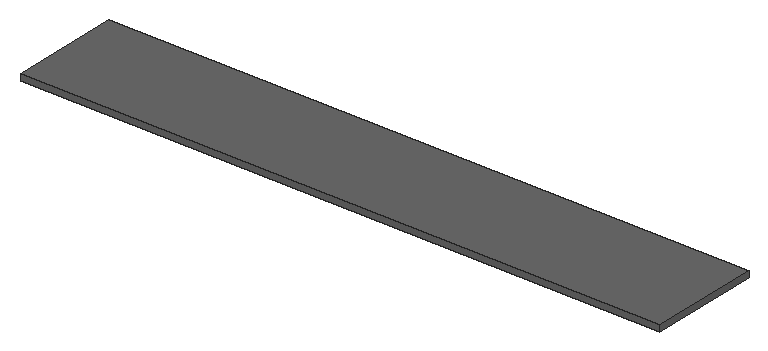
Revit family "ARKOSLIGHT_GAP Black Foster Custom Cover", category Lighting Fixtures, host Face, Revit 2019
Family settings
  Host = Face
  Round Connector Dimension = Use Diameter
  Part Type = Normal
  Cut with Voids When Loaded = No
  Light Source = No
  Shared = No
  Room Calculation Point = No
Parameters (values of type "A452000XN - BLACK FOSTER CUSTOM COVER GAP X N")
  URL = "https://www.arkoslight.com/en/product/bfsura-es/"
  Model = ARKOSLIGHT_Model  # "BLACK FOSTER CUSTOM ACCESSORIES"
  Manufacturer = "ARKOSLIGHT"  # constant formula
  Length [instance] = 250 mm
  Description = "Select the number and length of profiles suitable for the defined length."
  ARKOSLIGHT_Series = "BLACK FOSTER CUSTOM SURFACE ACCESSORIES"  # constant formula
  ARKOSLIGHT_Reference = "A452000XN"
  ARKOSLIGHT_Model = "BLACK FOSTER CUSTOM ACCESSORIES"  # constant formula
  ARKOSLIGHT_Color = "Black"
  ARKOSLIGHT_Fixture Type = "ACCESSORIES"  # constant formula
  Default Elevation = 0 mm
  Apparent Load = 0 VA  # constant formula
  ARKOSLIGHT_Body Color = ARKOSLIGHT_Black
Reference planes
  plane 1 "Center (Front/Back)": y = 0
  plane 2: z = 0
  plane 3 "Center (Left/Right)": x = 0
  plane 4: x = 125
  plane 5: x = -125
  plane 6: z = 35.864
  plane 7: z = 33.664
  plane 8: y = 21.5
  plane 9: y = -21.5
Forms (mm)
  Extrusion 1, solid, material "ARKOSLIGHT_Black" <- "ARKOSLIGHT_Body Color"
    sketch origin (-125, -221.408, 1227.436) x (0, -1, 0) y (0, 0, -1)
      loop
        line (-199.908, 1191.572) -> (-199.908, 1193.772) -> (-242.908, 1193.772) -> (-242.908, 1191.572) -> (-199.908, 1191.572)
    from 0 to 250
Dimensions and locks
  "Length": plane 5 to plane 4
  equal spacing: plane 5, plane 3 "Center (Left/Right)", plane 4
  locked: plane 6 to plane 7 at 2.2
  locked: plane 7 to plane 2 at 33.664
  equal spacing: plane 8, plane 1 "Center (Front/Back)", plane 9
  locked: plane 8 to plane 9 at 43
  aligned and locked: plane 2 to host face
  aligned and locked: level to host face
  aligned and locked: Extrusion 1 to plane 4
  aligned and locked: plane 6 to Extrusion 1 sketch curve
  aligned and locked: Extrusion 1 sketch curve to plane 7
  aligned and locked: Extrusion 1 sketch curve to plane 9
  aligned and locked: plane 8 to Extrusion 1 sketch curve
Automatic sketch dimensions
  host sketch curve to host sketch curve = 486.772 mm
  host sketch curve to host sketch curve = 1105.173 mm
